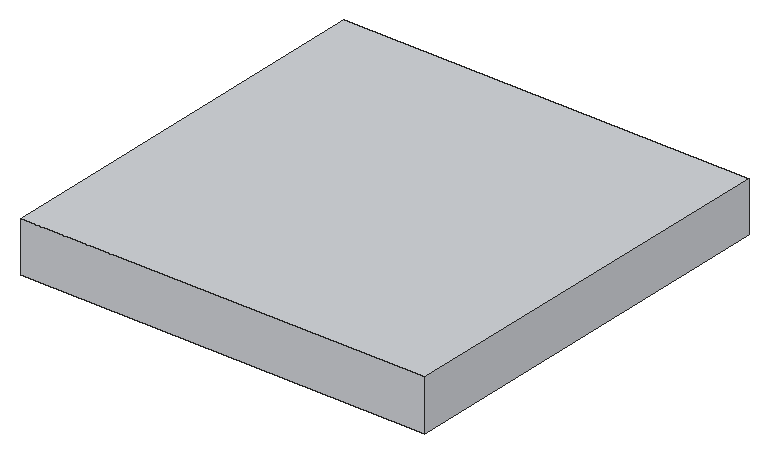
Revit family "Sanitary_Toilet-Accessories_DELABIE_35082W-Basic-angled-grab-bar-135deg", category Modèles génériques, Revit 2018
Family settings
  Hôte = Face
  Peut héberger une armature = Non
  Cote de connecteur circulaire = Utiliser le diamètre
  Type d'élément = Normal
  Couper avec des vides une fois chargée = Non
  Partagée = Non
  Point de calcul de pièce = Non
Parameters
  Default Elevation = 1219.2 mm
Reference planes
  plane 1 "Centre (avant/arrière)": y = 0
  plane 2: z = 0
  plane 3 "Centre (gauche/droite)": x = 0
Forms (mm)
  Extrusion 1, solid
    sketch origin (0, 0, 0) x (1, 0, 0) y (0, 1, 0)
      loop
        line (-1219.2, 1219.2) -> (-1219.2, -1219.2) -> (1219.2, -1219.2) -> (1219.2, 1219.2) -> (-1219.2, 1219.2)
    from 0 to -304.8
Dimensions and locks
  aligned and locked: plane 2 to Extrusion 1
  aligned and locked: level to Extrusion 1
Nested families
  nested 1: "Sanitary_Toilet-Accessories_DELABIE_35082W-Basic-angled-grab-bar-135deg" at (0, 0, 0), type "Default"
Definition of nested family "Sanitary_Toilet-Accessories_DELABIE_35082W-Basic-angled-grab-bar-135deg"
  Parameters (values of type "Default")
    Youtube clip = ""
    Uniformat II Description = ""
    Uniformat II Code = ""
    Uniclass 2015 Name = "Sanitary accessories"
    Uniclass 2015 Code = "Pr_40_20_76"
    Uniclass 2.0 Description = ""
    Uniclass 2.0 Code = ""
    Uniclass 1.4 Description = ""
    Uniclass 1.4 Code = ""
    UNSPSC Code = "301815"
    Technical description = "https://www.delabie.com/products/35082w"
    Region South America = "AR, BO, BR, CL, CO, EC, FK, GF, GY, PE, PY, SR, UY, VE"
    Region Oceania = "AU, FJ, NC, NZ, PG, SB, TL, VU"
    Region North America = "BS, BZ, CA, CR, CU, DO, GL, GT, HN, HT, JM, MX, NI, PA, PR, SV, TT, US"
    Region Middle East = "AE, AF, EG, IL, IQ, IR, JO, KW, LB, OM, PS, QA, SA, SY, TR, YE"
    Region Europe = "AL, AT, BA, BE, BG, BY, CH, CY, CZ, DE, DK, EE, ES, FI, FR, GB, GR, HR, HU, IE, IS, IT, LT, LU, LV, MD, ME, MK, NL, NO, PL, PT, RO, RS, RU, SE, SI, SJ, SK, UA"
    Region Asia = "AM, AZ, BD, BN, BT, CN, GE, ID, IN, JP, KG, KH, KP, KR, KZ, LA, LK, MM, MN, MY, NP, PH, PK, TH, TJ, TM, TW, UZ, VN"
    Region Antarctica = "TF"
    Region Africa = "AO, BF, BI, BJ, BW, CD, CF, CG, CI, CM, DJ, DZ, EH, ER, ET, GA, GH, GM, GN, GQ, GW, KE, LR, LS, LY, MA, MG, ML, MR, MW, MZ, NA, NE, NG, RW, SD, SL, SN, SO, SS, SZ, TD, TG, TN, TZ, UG, ZA, ZM, ZW"
    QR code = "http://bimobject.com/delabie/product/35082W"
    Product url = "https://www.delabie.com/products/35082w"
    Product name = "35082W Basic angled grab bar 135deg"
    Product group = "Accessibility"
    Product family = "Sanitary"
    Product data url = "https://bimobject.com/delabie/product/35082W"
    Product certification = "https://www.delabie.com/products/35082w"
    Product SKU = "35082W"
    Product Guid = "c7876aac-35a0-448a-9f03-4d2e50e082b8"
    OmniClass Description = "Physically Challenged Toilet Grab Bars"
    OmniClass Code = "23-25 45 11 25 15"
    NBS Reference Description = ""
    NBS Reference Code = ""
    Material secondary = ""
    Material main = "Stainless steel"
    Masterformat 2014 Description = ""
    Masterformat 2014 Code = ""
    Manufacturer name = "DELABIE"
    Manufacturer country = ""
    Installation instructions = "https://www.delabie.com/products/35082w"
    IFC Classification = "Furnishing Element"
    GTIN code = "https://3456330171625"
    Edition number = 1
    Design country = "France"
    Date of publishing = ""
    COBIe Type Category = ""
    Brand url = "http://www.delabie.com"
    BOS_1_Visibility = yes
    BOS_1_Material = none
    BOS_0_Visibility = yes
    BOS_0_Material = none
    BIMobject main category code = "sanitary"
    BIMobject main category = "Sanitary"
    BIMobject category code = "sanitary-toilet-accessories"
    BIMobject category = "Toilet Accessories"
  Reference planes
    plane 1 "Center (Front/Back)": y = 0
    plane 2: z = 0
    plane 3 "Center (Left/Right)": x = 0
  Dimensions and locks
    aligned and locked: level to plane 2
  Imported bodies without a history: 1
